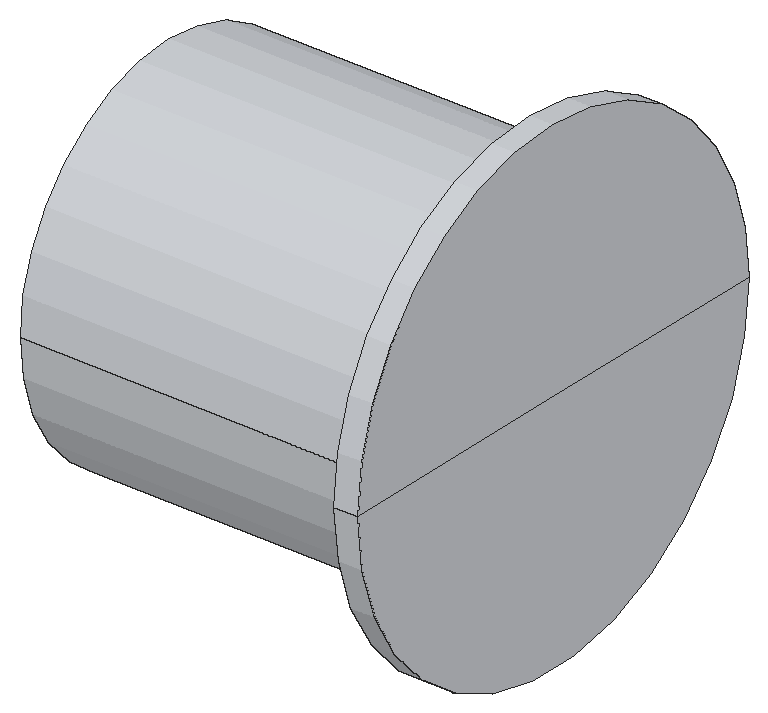
Revit family "Dop", category Pipe Fittings, Revit 2019
Family settings
  Round Connector Dimension = Use Diameter
  Part Type = Cap
  OmniClass Number = 23.60.30.11.14
  OmniClass Title = Pipework Fittings
  Work Plane-Based = No
  Always vertical = No
  Cut with Voids When Loaded = No
  Shared = No
Parameters
  URL = "https://www.teraplast.ro/"
  Revizie [instance] = 1
  Material [instance] = PP (Polipropilena)
  Manufacturer = "Teraplast"
  LookupTable [instance] = "Dop-PP"
  L [instance] = size_lookup(LookupTable, "L", 0.00 mm, D)  # 31.00 mm
  Garnitura [instance] = 0
  Description = "Sistem de tevi si fitinguri din PP pentru canalizari interioare."
  D [instance] = 32.00 mm
  Cod Articol Teraplast [instance] = size_lookup(LookupTable, "", "n/a", D)  # "FPE0044"
Reference planes
  plane 1 "Center (Front/Back)": y = 0
  plane 2: z = 0
  plane 3 "Center (Left/Right)": x = 0
  plane 4: y = 16
  plane 5: y = -16
  plane 6: x = -31
Forms (mm)
  Revolve 1, solid
    sketch origin (0, 0, 0) x (1, 0, 0) y (0, 1, 0)
      loop
        line (-31, -16) -> (0, -16) -> (0, -21) -> (2, -21) -> (2, 0) -> (0, 0) -> (0, -14) -> (-31, -14) -> (-31, -16)
      axis (2, 0) -> (-31, 0)
    angle from 0 to 360
Dimensions and locks
  equal spacing: plane 5, plane 1 "Center (Front/Back)", plane 4
  "D": plane 5 to plane 4
  "L": plane 6 to plane 3 "Center (Left/Right)"
  plane 3 "Center (Left/Right)" to Revolve 1 sketch curve = 2.00 mm
  plane 5 to Revolve 1 sketch curve = 2.00 mm
  Revolve 1 sketch curve to plane 5 = 5.00 mm
  aligned and locked: level to plane 2
  aligned and locked: plane 5 to Revolve 1 sketch curve
  aligned and locked: Revolve 1 sketch curve to plane 3 "Center (Left/Right)"  (x2)
  aligned and locked: Revolve 1 sketch curve to plane 1 "Center (Front/Back)"
  aligned and locked: Revolve 1 sketch curve to plane 6
Connectors
  piping at (-31, 0, 0), diameter 32, driven by "D"
    settings: on Revolve 1, index 1, connector inside diameter 609.6 mm, connector length 0.00 mm, flow factor 0, pipe flow 0.0 L/s, pressure drop 0.0 Pa, fitting loss kfactor 0, connector angle 0.00°, fixture units 0, engagement length 0.00 mm, angle of deflection 0.00°, flow configuration 0, flow direction 0, fitting loss method 0, system type 16, joint type 0, gender type 0, connector reference index -1, connector utility 0, adjustable connector no, is connector primary yes, connector description ""
